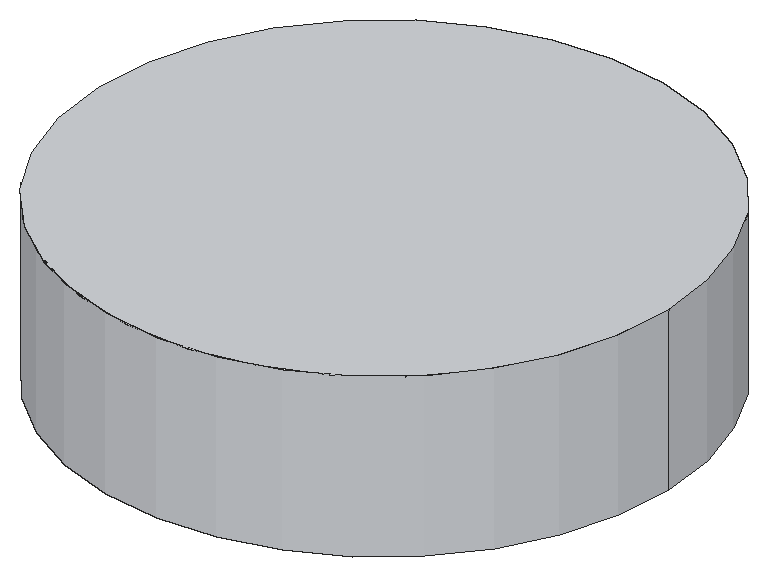
Revit family "1299_ TUPEX ELECTRIC_SPMP", category Lighting Fixtures, host Face, Revit 2016
Family settings
  Host = Face
  Part Type = Normal
  Round Connector Dimension = Use Diameter
  Cut with Voids When Loaded = No
  Light Source = Yes
  Shared = No
  Room Calculation Point = Yes
Parameters
  Wattage = 14 W
  built-in parameter 1150110 = 1 (stored number, unit not read)
  VOLTS = 220 V
  built-in parameter 1114217 = 1 (stored number, unit not read)
  Tilt Angle = 90.00°
  built-in parameter 1150109 = 1 (stored number, unit not read)
  built-in parameter 1150134 = 3
  built-in parameter 1150113 = 1 (stored number, unit not read)
  Photometric Web File = "1299.IES"
  built-in parameter 1150105 = 88.013 (stored number, unit not read)
  Lumens = 1106 lm
  built-in parameter 1150115 = 1 (stored number, unit not read)
  built-in parameter 1150137 = (empty or 0)
  built-in parameter 1150139 = (empty or 0)
  built-in parameter 1150112 = 1 (stored number, unit not read)
  built-in parameter 1150114 = 1 (stored number, unit not read)
  built-in parameter 1150132 = (empty or 0)
  built-in parameter 1150102 = (empty or 0)
  built-in parameter 1150107 = 3200 (stored number, unit not read)
  built-in parameter 1150138 = (empty or 0)
  built-in parameter 1150106 = 0.88013 (stored number, unit not read)
  Emit from Circle Diameter = 609.6 mm
  Emit Shape Visible in Rendering = no
  built-in parameter 1150104 = 7.3393 (stored number, unit not read)
  Dimming Lamp Color Temperature Shift = (empty or 0)
  Default Elevation = 1219.2 mm
  Color Filter = 16777215
  built-in parameter 1114218 = 1 (stored number, unit not read)
  built-in parameter 1150133 = 10 (stored number, unit not read)
  Apparent Load = 30 VA
Reference planes
  plane 1 "Center (Front/Back)": y = 0
  plane 2: z = 0
  plane 3 "Center (Left/Right)": x = 0
Forms (mm)
  Extrusion 1, solid
    sketch origin (0, 0, 0) x (1, 0, 0) y (0, 1, 0)
      loop
        circle (0, 0) r 190
    from 0 to 108
Lines and regions (mm)
  reference lines
    curve 1: circle (0, 0, 0) r 190 normal (0, 0, 1)
    curve 2: line (-1160.227, 0, 0) -> (1659.773, 0, 0)
    curve 3: line (1659.773, 0, -108) -> (-1534.635, 0, -108)
    curve 4: line (305.365, 0, -108) -> (1125.365, 0, -108)
    curve 5: line (1659.773, 0, -216) -> (-1534.635, 0, -216)
Dimensions and locks
  aligned and locked: plane 2 to host face
  aligned and locked: level to host face
Connectors
  electrical at (0, 0, 108)
    settings: on Extrusion 1, index 1, voltage 220 V, apparent load 0 VA, apparent load phase1 14 VA, apparent load phase2 0 VA, apparent load phase3 0 VA, power factor 1, load classification "Other", number of poles 1, system type 31, power factor state 1, is connector primary yes, connector utility no, sub classification motor no, connector description ""
